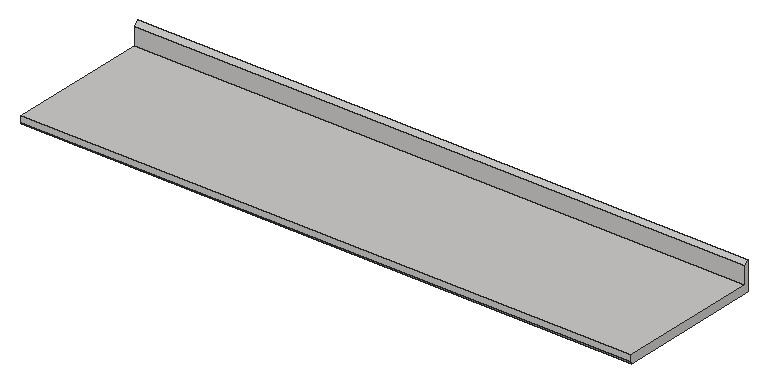
Revit family "QF_ELECTROLUXPROFESSIONAL_121167_TPLA29A", category Attrezzature speciali, Revit 2020
Family settings
  Quota connettore circolare = Usa diametro
  Tipo di parte = Normale
  Basato su piano di lavoro = No
  Sempre verticale = Sì
  Taglio con vuoti quando caricato = No
  Condiviso = No
  Punto di calcolo locali = No
Parameters (values of type "Standard")
  Weight = 92.00 kg
  Watts = 0 W
  Volts = 0 V
  URL Manufacturer = "https://www.electroluxprofessional.com/"
  URL = "https://www.electroluxprofessional.com/"
  Steam Supply Size = 0 mm
  Steam Supply Minimum Pressure = 0.0 Pa
  Steam Supply Maximum Pressure = 0.0 Pa
  Steam Consumption per Hour = 0
  Refrigeration Suction Line Size = 0.0 mm
  Refrigeration Liquid Line Size = 0.0 mm
  Refrigerant Compressor Remote = yes
  Prospetto di default = 0.0 mm
  Phase = 0
  Modello = "TPLA29A"
  Produttore = "Electrolux Professional"
  Length Actual = 2900.0 mm  # constant formula
  Item Number = "121167"
  Hot Water Size = 0 mm
  Height Actual = 140.0 mm  # constant formula
  HP = "0 HP"
  Gas Size = 0 mm
  Gas KW = 0
  Gas Input Pressure = 0 W
  Direct Waste Size = 0 mm
  Descrizione = "WORK TOP WITH UPSTAND 2900MM"
  Depth Actual = 700.0 mm  # constant formula
  Cycle = 0 Hz
  Condensate Return Size = 0 mm
  Compressed Air Volume = 0.0 L/s
  Compressed Air Size = 0 mm
  Compressed Air Pressure = 0.0 Pa
  Cold Water Size = 0 mm
  Accessory = yes
Reference planes
  plane 1 "Center (Front/Back)": y = 0
  plane 2: z = 0
  plane 3 "Center (Left/Right)": x = -950
  plane 4 "LEFT": x = -2400
  plane 5 "RIGHT": x = 500
  plane 6 "BACK": y = 350
  plane 7 "FRONT": y = -350
  plane 8 "TOP": z = 1000
  plane 9: z = 900
  plane 10: z = 860
Forms (mm)
  Extrusion 1, solid, material "QF_Finishes_Stainless Steel"
    sketch origin (-950, 0, 0) x (0, 1, 0) y (0, 0, 1)
      loop
        line (350, 1000) -> (330, 980) -> (330, 900) -> (-350, 900) -> (-350, 870) -> (-340, 860) -> (350, 860) -> (350, 1000)
    from 1450 to -1450
Lines and regions (mm)
  symbolic lines
    curve 1: line (500, 350, 1000) -> (-2400, 350, 1000)
    curve 2: line (-2400, 350, 1000) -> (-2400, -350, 1000)
    curve 3: line (-2400, -350, 1000) -> (500, -350, 1000)
    curve 4: line (500, -350, 1000) -> (500, 350, 1000)
    curve 5: line (-2400, 330, 1000) -> (500, 330, 1000)
Dimensions and locks
  plane 4 "LEFT" to plane 5 "RIGHT" = 2900.0 mm
  equal spacing: plane 4 "LEFT", plane 3 "Center (Left/Right)", plane 5 "RIGHT"
  plane 6 "BACK" to plane 7 "FRONT" = 700.0 mm
  equal spacing: plane 6 "BACK", plane 1 "Center (Front/Back)", plane 7 "FRONT"
  locked: plane 8 "TOP" to plane 9 at 100
  locked: plane 6 "BACK" to Extrusion 1 sketch curve at 20
  plane 10 to level = 860.0 mm
  plane 8 "TOP" to plane 10 = 140.0 mm
  aligned and locked: level to plane 2
  aligned and locked: Extrusion 1 to plane 4 "LEFT"
  aligned and locked: plane 5 "RIGHT" to Extrusion 1
  aligned and locked: curve 2 to plane 4 "LEFT"
  aligned and locked: Extrusion 1 sketch curve to plane 9
  aligned and locked: Extrusion 1 sketch curve to plane 6 "BACK"
  aligned and locked: plane 7 "FRONT" to Extrusion 1 sketch curve
  aligned and locked: plane 10 to Extrusion 1 sketch curve
Automatic sketch dimensions
  curve 3 to plane 7 "FRONT" = 0.0 mm
  curve 4 to plane 5 "RIGHT" = 0.0 mm
  curve 4 to plane 6 "BACK" = 0.0 mm
  curve 5 to plane 6 "BACK" = 20.0 mm
  Extrusion 1 sketch curve to plane 8 "TOP" = 0.0 mm
  Extrusion 1 sketch curve to plane 8 "TOP" = 20.0 mm
  plane 7 "FRONT" to Extrusion 1 sketch curve = 10.0 mm
  level to Extrusion 1 sketch curve = 870.0 mm
